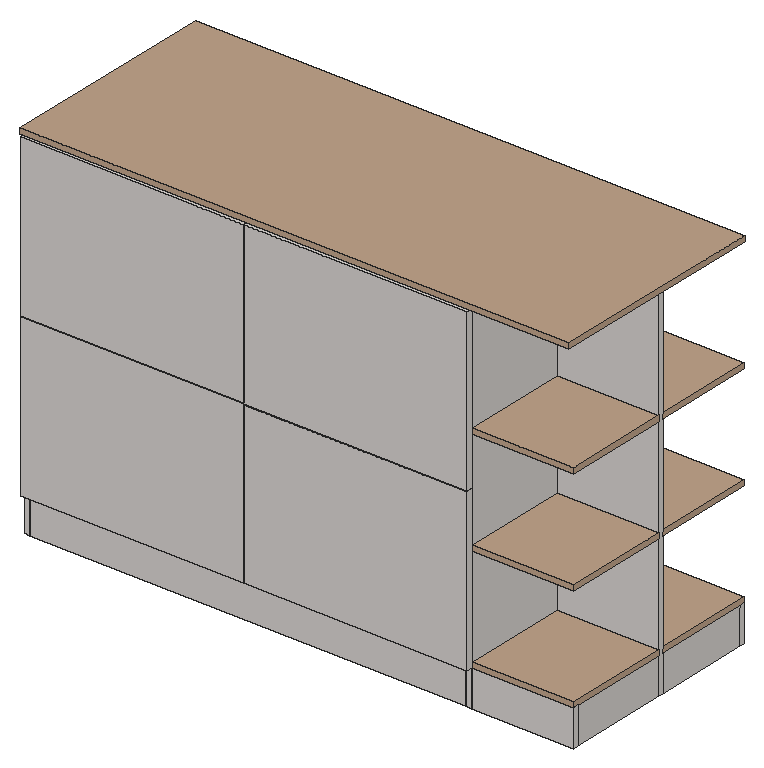
Revit family "BM0046541-Barra-Bilbao", category Furniture, host Face, Revit 2021
Family settings
  Host = Face
  Cut with Voids When Loaded = No
  Shared = No
  Room Calculation Point = No
Parameters
  Default Elevation = 1219.2 mm
Reference planes
  plane 1 "Center (Front/Back)": y = 0
  plane 2: z = 0
  plane 3 "Center (Left/Right)": x = 0
Forms (mm)
  Extrusion 1, solid, material "Corona-Taupe"
    sketch origin (-650, -3.062, 2.6) x (-1, 0, 0) y (0, 0, 1)
      loop
        line (-1400, 982.4) -> (-1400, -2.6) -> (85, -2.6) -> (85, 982.4) -> (-1400, 982.4)
    from 0 to 15
  Extrusion 2, solid, material "Corona-Taupe"
    sketch origin (-735, -34, -2.988) x (0, -1, 0) y (0, 0, 1)
      loop
        line (260.568, 987.988) -> (-324, 987.988) -> (-324, 2.988) -> (260.568, 2.988) -> (260.568, 987.988)
    from 0 to 15
  Extrusion 3, solid, material "Corona-Macadamia-horizontal"
    sketch origin (500.659, -24, 985) x (-1, 0, 0) y (0, -1, 0)
      loop
        line (1250.659, -314) -> (1250.659, 286) -> (-249.341, 286) -> (-249.341, -314) -> (1250.659, -314)
    from 0 to 15
  Extrusion 4, solid, material "Corona-Taupe"
    sketch origin (471.875, -13.063, 0) x (0, -1, 0) y (0, 0, 1)
      loop
        line (-25, 985) -> (-303, 985) -> (-303, 0) -> (-25, 0) -> (-25, 985)
    from 0 to 15
  Extrusion 5, solid, material "Corona-Taupe"
    sketch origin (471.875, -306.063, 0) x (0, -1, 0) y (0, 0, 1)
      loop
        line (-11.495, 985) -> (-303, 985) -> (-303, 0) -> (-11.495, 0) -> (-11.495, 985)
    from 0 to 15
  Extrusion 6, solid, material "Corona-Macadamia-horizontal"
    sketch origin (495.659, -13.063, 673) x (-1, 0, 0) y (0, -1, 0)
      loop
        line (23.659, -303) -> (23.659, -25) -> (-254.341, -25) -> (-254.341, -303) -> (23.659, -303)
    from 0 to 15
  Extrusion 7, solid, material "Corona-Macadamia-horizontal"
    sketch origin (495.659, -13.063, 386) x (-1, 0, 0) y (0, -1, 0)
      loop
        line (23.659, -303) -> (23.659, -25) -> (-254.341, -25) -> (-254.341, -303) -> (23.659, -303)
    from 0 to 15
  Extrusion 8, solid, material "Corona-Macadamia-horizontal"
    sketch origin (495.659, -13.063, 99) x (-1, 0, 0) y (0, -1, 0)
      loop
        line (23.659, -303) -> (23.659, -25) -> (-254.341, -25) -> (-254.341, -303) -> (23.659, -303)
    from 0 to 15
  Extrusion 9, solid, material "Corona-Macadamia-horizontal"
    sketch origin (495.659, -285.122, 673) x (-1, 0, 0) y (0, -1, 0)
      loop
        line (23.659, -281.992) -> (23.659, 9.445) -> (-254.341, 9.445) -> (-254.341, -281.992) -> (23.659, -281.992)
    from 0 to 15
  Extrusion 10, solid, material "Corona-Macadamia-horizontal"
    sketch origin (495.659, -285.122, 386) x (-1, 0, 0) y (0, -1, 0)
      loop
        line (23.659, -281.992) -> (23.659, 9.445) -> (-254.341, 9.445) -> (-254.341, -281.992) -> (23.659, -281.992)
    from 0 to 15
  Extrusion 11, solid, material "Corona-Macadamia-horizontal"
    sketch origin (495.659, -285.122, 99) x (-1, 0, 0) y (0, -1, 0)
      loop
        line (23.659, -281.992) -> (23.659, 9.445) -> (-254.341, 9.445) -> (-254.341, -281.992) -> (23.659, -281.992)
    from 0 to 15
  Extrusion 12, solid, material "Corona-Taupe"
    sketch origin (-650, 274.938, 2) x (-1, 0, 0) y (0, 0, 1)
      loop
        line (-1400, 97) -> (-1400, -2) -> (-1122, -2) -> (-1122, 97) -> (-1400, 97)
    from 0 to 15
  Extrusion 13, solid, material "Corona-Taupe"
    sketch origin (-650, -294.568, -2) x (-1, 0, 0) y (0, 0, 1)
      loop
        line (-1400, 101) -> (-1400, 2) -> (-1122, 2) -> (-1122, 101) -> (-1400, 101)
    from 0 to 15
  Extrusion 14, solid, material "Corona-Taupe"
    sketch origin (750, -13.063, 0) x (0, -1, 0) y (0, 0, 1)
      loop
        line (-25, 99) -> (-288, 99) -> (-288, 0) -> (-25, 0) -> (-25, 99)
    from 0 to 15
  Extrusion 15, solid, material "Corona-Taupe"
    sketch origin (750, -310.063, 0) x (0, -1, 0) y (0, 0, 1)
      loop
        line (-30.495, 99) -> (-307, 99) -> (-307, 0) -> (-30.495, 0) -> (-30.495, 99)
    from 0 to 15
  Extrusion 16, solid, material "Corona-Taupe"
    sketch origin (-1015, -294.568, -2) x (-1, 0, 0) y (0, 0, 1)
      loop
        line (-1471.875, 101) -> (-1471.875, 2) -> (-280, 2) -> (-280, 101) -> (-1471.875, 101)
    from 0 to 15
  Extrusion 17, solid, material "Corona-Taupe"
    sketch origin (-1115, -309.568, 283.384) x (-1, 0, 0) y (0, 0, 1)
      loop
        line (-975, 253.628) -> (-975, -184.372) -> (-365, -184.372) -> (-365, 253.628) -> (-975, 253.628)
    from 0 to 15
  Extrusion 18, solid, material "Corona-Taupe"
    sketch origin (-503.125, -309.568, 283.384) x (-1, 0, 0) y (0, 0, 1)
      loop
        line (-975, 253.628) -> (-975, -184.372) -> (-365, -184.372) -> (-365, 253.628) -> (-975, 253.628)
    from 0 to 15
  Extrusion 19, solid, material "Corona-Taupe"
    sketch origin (-1115, -309.568, 723.884) x (-1, 0, 0) y (0, 0, 1)
      loop
        line (-975, 253.628) -> (-975, -184.372) -> (-365, -184.372) -> (-365, 253.628) -> (-975, 253.628)
    from 0 to 15
  Extrusion 20, solid, material "Corona-Taupe"
    sketch origin (-503.125, -309.568, 723.884) x (-1, 0, 0) y (0, 0, 1)
      loop
        line (-975, 253.628) -> (-975, -184.372) -> (-365, -184.372) -> (-365, 253.628) -> (-975, 253.628)
    from 0 to 15
  Extrusion 21, solid, material "Corona-Taupe", not visible
    sketch origin (0, -10, 2.6) x (1, 0, 0) y (0, 0, 1)
      loop
        line (-1400, 982.4) -> (-1400, -2.6) -> (85, -2.6) -> (85, 982.4) -> (-1400, 982.4)
    from 0 to 15
  Extrusion 22, solid, material "Corona-Taupe", not visible
    sketch origin (85, 20.938, -2.988) x (0, 1, 0) y (0, 0, 1)
      loop
        line (260.568, 987.988) -> (-324, 987.988) -> (-324, 2.988) -> (260.568, 2.988) -> (260.568, 987.988)
    from 0 to 15
  Extrusion 23, solid, material "Corona-Macadamia-horizontal", not visible
    sketch origin (-1150.659, 10.938, 985) x (1, 0, 0) y (0, 1, 0)
      loop
        line (1250.659, -314) -> (1250.659, 286) -> (-249.341, 286) -> (-249.341, -314) -> (1250.659, -314)
    from 0 to 15
  Extrusion 24, solid, material "Corona-Taupe", not visible
    sketch origin (-1121.875, 0, 0) x (0, 1, 0) y (0, 0, 1)
      loop
        line (-25, 985) -> (-303, 985) -> (-303, 0) -> (-25, 0) -> (-25, 985)
    from 0 to 15
  Extrusion 25, solid, material "Corona-Taupe", not visible
    sketch origin (-1121.875, 293, 0) x (0, 1, 0) y (0, 0, 1)
      loop
        line (-11.495, 985) -> (-303, 985) -> (-303, 0) -> (-11.495, 0) -> (-11.495, 985)
    from 0 to 15
  Extrusion 26, solid, material "Corona-Macadamia-horizontal", not visible
    sketch origin (-1145.659, 0, 673) x (1, 0, 0) y (0, 1, 0)
      loop
        line (23.659, -303) -> (23.659, -25) -> (-254.341, -25) -> (-254.341, -303) -> (23.659, -303)
    from 0 to 15
  Extrusion 27, solid, material "Corona-Macadamia-horizontal", not visible
    sketch origin (-1145.659, 0, 386) x (1, 0, 0) y (0, 1, 0)
      loop
        line (23.659, -303) -> (23.659, -25) -> (-254.341, -25) -> (-254.341, -303) -> (23.659, -303)
    from 0 to 15
  Extrusion 28, solid, material "Corona-Macadamia-horizontal", not visible
    sketch origin (-1145.659, 0, 99) x (1, 0, 0) y (0, 1, 0)
      loop
        line (23.659, -303) -> (23.659, -25) -> (-254.341, -25) -> (-254.341, -303) -> (23.659, -303)
    from 0 to 15
  Extrusion 29, solid, material "Corona-Macadamia-horizontal", not visible
    sketch origin (-1145.659, 272.06, 673) x (1, 0, 0) y (0, 1, 0)
      loop
        line (23.659, -281.992) -> (23.659, 9.445) -> (-254.341, 9.445) -> (-254.341, -281.992) -> (23.659, -281.992)
    from 0 to 15
  Extrusion 30, solid, material "Corona-Macadamia-horizontal", not visible
    sketch origin (-1145.659, 272.06, 386) x (1, 0, 0) y (0, 1, 0)
      loop
        line (23.659, -281.992) -> (23.659, 9.445) -> (-254.341, 9.445) -> (-254.341, -281.992) -> (23.659, -281.992)
    from 0 to 15
  Extrusion 31, solid, material "Corona-Macadamia-horizontal", not visible
    sketch origin (-1145.659, 272.06, 99) x (1, 0, 0) y (0, 1, 0)
      loop
        line (23.659, -281.992) -> (23.659, 9.445) -> (-254.341, 9.445) -> (-254.341, -281.992) -> (23.659, -281.992)
    from 0 to 15
  Extrusion 32, solid, material "Corona-Taupe", not visible
    sketch origin (0, -288, 2) x (1, 0, 0) y (0, 0, 1)
      loop
        line (-1400, 97) -> (-1400, -2) -> (-1122, -2) -> (-1122, 97) -> (-1400, 97)
    from 0 to 15
  Extrusion 33, solid, material "Corona-Taupe", not visible
    sketch origin (0, 281.505, -2) x (1, 0, 0) y (0, 0, 1)
      loop
        line (-1400, 101) -> (-1400, 2) -> (-1122, 2) -> (-1122, 101) -> (-1400, 101)
    from 0 to 15
  Extrusion 34, solid, material "Corona-Taupe", not visible
    sketch origin (-1400, 0, 0) x (0, 1, 0) y (0, 0, 1)
      loop
        line (-25, 99) -> (-288, 99) -> (-288, 0) -> (-25, 0) -> (-25, 99)
    from 0 to 15
  Extrusion 35, solid, material "Corona-Taupe", not visible
    sketch origin (-1400, 297, 0) x (0, 1, 0) y (0, 0, 1)
      loop
        line (-30.495, 99) -> (-307, 99) -> (-307, 0) -> (-30.495, 0) -> (-30.495, 99)
    from 0 to 15
  Extrusion 36, solid, material "Corona-Taupe", not visible
    sketch origin (365, 281.505, -2) x (1, 0, 0) y (0, 0, 1)
      loop
        line (-1471.875, 101) -> (-1471.875, 2) -> (-280, 2) -> (-280, 101) -> (-1471.875, 101)
    from 0 to 15
  Extrusion 37, solid, material "Corona-Taupe", not visible
    sketch origin (465, 296.505, 283.384) x (1, 0, 0) y (0, 0, 1)
      loop
        line (-975, 253.628) -> (-975, -184.372) -> (-365, -184.372) -> (-365, 253.628) -> (-975, 253.628)
    from 0 to 15
  Extrusion 38, solid, material "Corona-Taupe", not visible
    sketch origin (-146.875, 296.505, 283.384) x (1, 0, 0) y (0, 0, 1)
      loop
        line (-975, 253.628) -> (-975, -184.372) -> (-365, -184.372) -> (-365, 253.628) -> (-975, 253.628)
    from 0 to 15
  Extrusion 39, solid, material "Corona-Taupe", not visible
    sketch origin (465, 296.505, 723.884) x (1, 0, 0) y (0, 0, 1)
      loop
        line (-975, 253.628) -> (-975, -184.372) -> (-365, -184.372) -> (-365, 253.628) -> (-975, 253.628)
    from 0 to 15
  Extrusion 40, solid, material "Corona-Taupe", not visible
    sketch origin (-146.875, 296.505, 723.884) x (1, 0, 0) y (0, 0, 1)
      loop
        line (-975, 253.628) -> (-975, -184.372) -> (-365, -184.372) -> (-365, 253.628) -> (-975, 253.628)
    from 0 to 15
  Extrusion 41, solid, material "Corona-Taupe", not visible
    sketch origin (650, -16.937, 2.6) x (1, 0, 0) y (0, 0, 1)
      loop
        line (-1400, 982.4) -> (-1400, -2.6) -> (85, -2.6) -> (85, 982.4) -> (-1400, 982.4)
    from 0 to 15
  Extrusion 42, solid, material "Corona-Taupe", not visible
    sketch origin (735, 14, -2.988) x (0, 1, 0) y (0, 0, 1)
      loop
        line (260.568, 987.988) -> (-324, 987.988) -> (-324, 2.988) -> (260.568, 2.988) -> (260.568, 987.988)
    from 0 to 15
  Extrusion 43, solid, material "Corona-Macadamia-horizontal", not visible
    sketch origin (-500.659, 4, 985) x (1, 0, 0) y (0, 1, 0)
      loop
        line (1250.659, -314) -> (1250.659, 286) -> (-249.341, 286) -> (-249.341, -314) -> (1250.659, -314)
    from 0 to 15
  Extrusion 44, solid, material "Corona-Taupe", not visible
    sketch origin (-471.875, -6.937, 0) x (0, 1, 0) y (0, 0, 1)
      loop
        line (-25, 985) -> (-303, 985) -> (-303, 0) -> (-25, 0) -> (-25, 985)
    from 0 to 15
  Extrusion 45, solid, material "Corona-Taupe", not visible
    sketch origin (-471.875, 286.063, 0) x (0, 1, 0) y (0, 0, 1)
      loop
        line (-11.495, 985) -> (-303, 985) -> (-303, 0) -> (-11.495, 0) -> (-11.495, 985)
    from 0 to 15
  Extrusion 46, solid, material "Corona-Macadamia-horizontal", not visible
    sketch origin (-495.659, -6.937, 673) x (1, 0, 0) y (0, 1, 0)
      loop
        line (23.659, -303) -> (23.659, -25) -> (-254.341, -25) -> (-254.341, -303) -> (23.659, -303)
    from 0 to 15
  Extrusion 47, solid, material "Corona-Macadamia-horizontal", not visible
    sketch origin (-495.659, -6.937, 386) x (1, 0, 0) y (0, 1, 0)
      loop
        line (23.659, -303) -> (23.659, -25) -> (-254.341, -25) -> (-254.341, -303) -> (23.659, -303)
    from 0 to 15
  Extrusion 48, solid, material "Corona-Macadamia-horizontal", not visible
    sketch origin (-495.659, -6.937, 99) x (1, 0, 0) y (0, 1, 0)
      loop
        line (23.659, -303) -> (23.659, -25) -> (-254.341, -25) -> (-254.341, -303) -> (23.659, -303)
    from 0 to 15
  Extrusion 49, solid, material "Corona-Macadamia-horizontal", not visible
    sketch origin (-495.659, 265.122, 673) x (1, 0, 0) y (0, 1, 0)
      loop
        line (23.659, -281.992) -> (23.659, 9.445) -> (-254.341, 9.445) -> (-254.341, -281.992) -> (23.659, -281.992)
    from 0 to 15
  Extrusion 50, solid, material "Corona-Macadamia-horizontal", not visible
    sketch origin (-495.659, 265.122, 386) x (1, 0, 0) y (0, 1, 0)
      loop
        line (23.659, -281.992) -> (23.659, 9.445) -> (-254.341, 9.445) -> (-254.341, -281.992) -> (23.659, -281.992)
    from 0 to 15
  Extrusion 51, solid, material "Corona-Macadamia-horizontal", not visible
    sketch origin (-495.659, 265.122, 99) x (1, 0, 0) y (0, 1, 0)
      loop
        line (23.659, -281.992) -> (23.659, 9.445) -> (-254.341, 9.445) -> (-254.341, -281.992) -> (23.659, -281.992)
    from 0 to 15
  Extrusion 52, solid, material "Corona-Taupe", not visible
    sketch origin (650, -294.937, 2) x (1, 0, 0) y (0, 0, 1)
      loop
        line (-1400, 97) -> (-1400, -2) -> (-1122, -2) -> (-1122, 97) -> (-1400, 97)
    from 0 to 15
  Extrusion 53, solid, material "Corona-Taupe", not visible
    sketch origin (650, 274.568, -2) x (1, 0, 0) y (0, 0, 1)
      loop
        line (-1400, 101) -> (-1400, 2) -> (-1122, 2) -> (-1122, 101) -> (-1400, 101)
    from 0 to 15
  Extrusion 54, solid, material "Corona-Taupe", not visible
    sketch origin (-750, -6.937, 0) x (0, 1, 0) y (0, 0, 1)
      loop
        line (-25, 99) -> (-288, 99) -> (-288, 0) -> (-25, 0) -> (-25, 99)
    from 0 to 15
  Extrusion 55, solid, material "Corona-Taupe", not visible
    sketch origin (-750, 290.062, 0) x (0, 1, 0) y (0, 0, 1)
      loop
        line (-30.495, 99) -> (-307, 99) -> (-307, 0) -> (-30.495, 0) -> (-30.495, 99)
    from 0 to 15
  Extrusion 56, solid, material "Corona-Taupe", not visible
    sketch origin (1015, 274.568, -2) x (1, 0, 0) y (0, 0, 1)
      loop
        line (-1471.875, 101) -> (-1471.875, 2) -> (-280, 2) -> (-280, 101) -> (-1471.875, 101)
    from 0 to 15
  Extrusion 57, solid, material "Corona-Taupe", not visible
    sketch origin (1115, 289.568, 283.384) x (1, 0, 0) y (0, 0, 1)
      loop
        line (-975, 253.628) -> (-975, -184.372) -> (-365, -184.372) -> (-365, 253.628) -> (-975, 253.628)
    from 0 to 15
  Extrusion 58, solid, material "Corona-Taupe", not visible
    sketch origin (503.125, 289.568, 283.384) x (1, 0, 0) y (0, 0, 1)
      loop
        line (-975, 253.628) -> (-975, -184.372) -> (-365, -184.372) -> (-365, 253.628) -> (-975, 253.628)
    from 0 to 15
  Extrusion 59, solid, material "Corona-Taupe", not visible
    sketch origin (1115, 289.568, 723.884) x (1, 0, 0) y (0, 0, 1)
      loop
        line (-975, 253.628) -> (-975, -184.372) -> (-365, -184.372) -> (-365, 253.628) -> (-975, 253.628)
    from 0 to 15
  Extrusion 60, solid, material "Corona-Taupe", not visible
    sketch origin (503.125, 289.568, 723.884) x (1, 0, 0) y (0, 0, 1)
      loop
        line (-975, 253.628) -> (-975, -184.372) -> (-365, -184.372) -> (-365, 253.628) -> (-975, 253.628)
    from 0 to 15
Dimensions and locks
  aligned and locked: plane 2 to host face
  aligned and locked: level to host face
  aligned and locked: Extrusion 2 to host face
